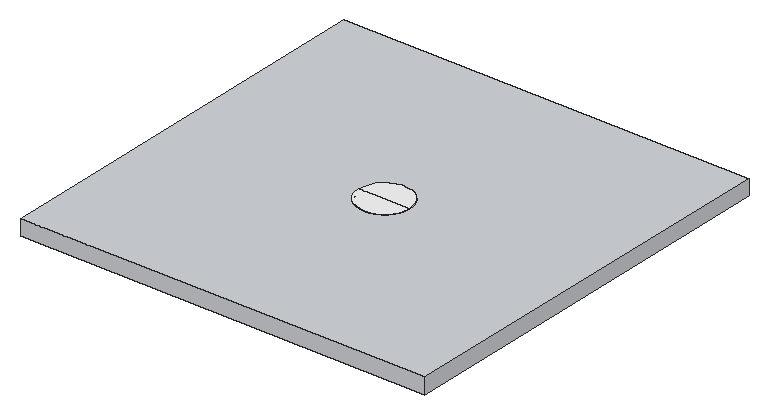
Revit family
Parameters (values of type "2"")
  X1 = (Top Assembly Diameter / 2.75)  # 4.36364"
  WFU = 0
  URL = "WWW.MIFAB.COM"
  Top Assembly Radius = 6.000"
  Top Assembly Diameter = Top Assembly Radius * 2  # 12.000"
  Strainer Adjustment [instance] = 2.250"
  Pipe Radius = 1.000"
  Model = "F1640-L"
  Manufacturer = "MIFAB"
  Floor Drain Material = Paint - Sherwin Williams Paint - #952C2A - Bellwood Red
  Description = "DUAL 12\" TOP ADJUSTABLE DRAIN SET"
  Default Elevation = 0.000"
  Body Height = 6.125"
  Assembly Code = ""
Types (7): name | URL | Pipe Radius | Body Height
  (no name) | "WWW.MIFAB.COM" | 1.000" | 6.125"
  2" | "WWW.MIFAB.COM" | 1.000" | 6.125"
  3" | "WWW.MIFAB.COM" | 1.500" | 6.125"
  4" | "WWW.MIFAB.COM" | 2.000" | 6.125"
  5" | "WWW.MIFAB.COM" | 2.500" | 6.125"
  6" | "WWW.MIFAB.COM" | 3.000" | 8.000"
  8" | "WWEW.MIFAB.COM" | 4.000" | 8.000"
Reference planes (in)
  plane 1 "Center (Front/Back)": y = 0
  plane 2: z = 0
  plane 3 "Center (Left/Right)": x = 0
  plane 4: x = -6
  plane 5: x = 6
  plane 6: z = -2.25
  plane 7: z = -8.375
  plane 8: z = -1.375
  plane 9: z = -0.875
  plane 10: z = -1.8125
  plane 11: x = 1
  plane 12: x = -1
  plane 13: z = -6.875
  plane 14: x = 4.36364
  plane 15: z = -2.25
Forms (in)
  Extrusion 1, solid
    sketch origin (0, 0, 0) x (1, 0, 0) y (0, 1, 0)
      loop
        line (-48, 48) -> (-48, -48) -> (48, -48) -> (48, 48) -> (-48, 48)
    from 0 to -3.70566
  Revolve 2, solid, material "Paint - Sherwin Williams Paint - #952C2A - Bellwood Red" <- "Floor Drain Material"
    sketch origin (0, 0, 0) x (1, 0, 0) y (0, 0, 1)
      loop
        line (-6, 0) -> (-6, -1.375) -> (-5.44239, -1.375) -> (-4.82802, -1.80518) -> (-4.19538, -1.80518) -> (-4.19538, -2.4) -> (-3.99538, -2.4) -> (-3.99538, -1.60518) -> (-4.74518, -1.60518) -> (-5.35955, -1.175) -> (-5.6, -1.175) -> (-5.6, -0.425) -> (0, -0.425) -> (0, 0) -> (-6, 0)
      axis (0, 0) -> (0, -2.4)
    angle from 0 to 360
  Revolve 3, solid, material "Paint - Sherwin Williams Paint - #952C2A - Bellwood Red" <- "Floor Drain Material"
    sketch origin (0, 0, 0) x (1, 0, 0) y (0, 0, 1)
      loop
        line (4.49453, -2.25) -> (4.36364, -6.718) -> (1, -6.718) -> (1, -8.375) -> (1.15, -8.375) -> (1.15, -6.875) -> (4.51601, -6.875) -> (4.6471, -2.4) -> (6, -2.4) -> (6, -2.25) -> (4.49453, -2.25)
      axis (0, -8.375) -> (0, -2.25)
    angle from 0 to 360
Lines and regions (in)
  symbolic lines
    curve 1: circle (0, 0, 0) r 6 normal (0, 0, 1)
Dimensions and locks (in)
  plane 4 to plane 5 = 12.000"
  "Strainer Adjustment": Extrusion 1 to plane 15
  "Body Height": plane 15 to plane 7
  equal spacing: plane 5, plane 3 "Center (Left/Right)", plane 4
  plane 5 to plane 4 = 12.000"
  level to plane 9 to plane 8 = 0.875" locked, 0.500" locked
  equal spacing: plane 8, plane 10, plane 6
  equal spacing: plane 12, plane 3 "Center (Left/Right)", plane 11
  "Pipe Radius": plane 11 to plane 3 "Center (Left/Right)"
  Revolve 3 sketch curve to plane 13 = 0.157"
  locked: plane 13 to plane 7 at 1.5
  "X1": plane 14 to plane 3 "Center (Left/Right)"
  "Top Assembly Radius": plane 5 to plane 3 "Center (Left/Right)"
  Revolve 3 sketch curve to plane 11 = 0.150"
  Revolve 3 sketch curve to Revolve 3 sketch curve = 0.1569"
  aligned and locked: plane 2 to Extrusion 1
  aligned and locked: level to Extrusion 1
  aligned and locked: Revolve 2 sketch curve to plane 3 "Center (Left/Right)"
  aligned and locked: Revolve 2 sketch curve to plane 4
  aligned and locked: Extrusion 1 to Revolve 2 sketch curve
  aligned and locked: Revolve 3 sketch curve to plane 7
  aligned and locked: plane 3 "Center (Left/Right)" to Revolve 3 sketch curve
  aligned and locked: Revolve 3 sketch curve to plane 13
  aligned and locked: plane 11 to Revolve 3 sketch curve
  aligned and locked: plane 14 to Revolve 3 sketch curve
  aligned and locked: Revolve 3 sketch curve to plane 15
  aligned and locked: Revolve 3 sketch curve to plane 5
  aligned and locked: Revolve 2 sketch curve to Revolve 3
  aligned and locked: plane 3 "Center (Left/Right)" to Revolve 2 sketch curve
Automatic sketch dimensions
  Extrusion 1 sketch curve to Extrusion 1 sketch curve = 96.000"  (x2)
  Revolve 2 sketch curve to plane 8 = 0.000"
  plane 4 to Revolve 2 sketch curve = 0.400"
  Revolve 2 sketch curve to Revolve 2 sketch curve = 0.15761"
  Revolve 2 sketch curve to plane 8 = 0.200"
  Revolve 2 sketch curve to Revolve 2 sketch curve = 0.08284"  (x2)
  Revolve 2 sketch curve to plane 10 = 0.00732"
  Revolve 2 sketch curve to Revolve 2 sketch curve = 0.61436"
  Revolve 2 sketch curve to plane 10 = 0.20732"
  Revolve 2 sketch curve to Revolve 2 sketch curve = 0.5498"
  Revolve 2 sketch curve to Revolve 2 sketch curve = 0.200"
  plane 13 to Revolve 2 sketch curve = 1.000"
  Revolve 2 sketch curve to level = 0.425"
  Revolve 2 sketch curve to Revolve 2 sketch curve = 1.750"
  plane 14 to Revolve 3 sketch curve = 0.13089"
  Revolve 3 sketch curve to plane 6 = 0.150"
  level to Revolve 3 sketch curve = 1.000"
  Revolve 3 sketch curve to Revolve 3 sketch curve = 1.750"
  plane 1 "Center (Front/Back)" to curve 1 = 0.000"
  curve 1 to plane 3 "Center (Left/Right)" = 0.000"
  radius of curve 1 = 6.000"
Connectors (in)
  piping at (0, 0, -8.375), driven by "Pipe Radius", driven by "WFU"
    settings: on Revolve 3, index 1, connector radius 1", flow factor 0, pipe flow 0 GPM, pressure drop 0.00 psi, fitting loss kfactor 0, connector angle 0.00°, fixture units 0, flow configuration 3, flow direction 2, fitting loss method 0, system type 16, connector reference index -1, connector utility 0, adjustable connector no, is connector primary yes, fitting loss table "", connector description "Sanitary Out"
